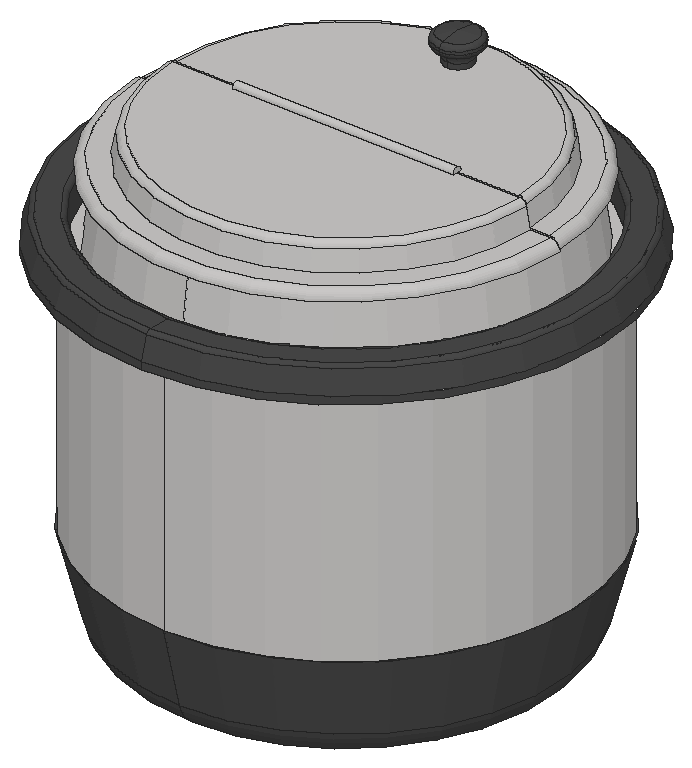
Revit family "QF_Vollrath_741101D", category Specialty Equipment, Revit 2016
Family settings
  Part Type = Normal
  Round Connector Dimension = Use Diameter
  OmniClass Number = 23.40.40.14.17.31
  OmniClass Title = Small Specialized Cooking Equipment
  Work Plane-Based = Yes
  Always vertical = Yes
  Cut with Voids When Loaded = No
  Shared = No
  Room Calculation Point = No
Parameters
  Weight in Pounds = 12.4
  Watts = 800 W
  Watermarked By = "http://revitwatermark.com"
  Volts = 120 V
  URL Cutsheet = ""
  URL = "www.vollrathco.com"
  Status [instance] = ""
  Specification by User [instance] = ""
  Specification by Manufacturer [instance] = ""
  Serial Number [instance] = ""
  Revision Code [instance] = ""
  Phase = 1
  Outer Diameter = 1' - 1.9"  # constant formula
  Number of Poles [instance] = 1
  NAFEM Spec ID Number [instance] = ""
  Model = "741101D"
  Material = QF_Finishes_Black
  Masterspec [instance] = ""
  Manufacturer = "Vollrath"
  Item Number [instance] = "-"
  Installed By [instance] = ""
  Furnished By [instance] = ""
  Foodservice Equipment Identifier = yes
  FL Amps = 6.7 A
  Electrical Remarks [instance] = ""
  Electric Connection Type [instance] = ""
  Elec Conn RI Height [instance] = 0' - 0"
  Elec Conn Connection Height = -0' - 9 1/4"
  Description = "11 qt. Induction Rethermalizer, Drop-In"
  Default Elevation = 4' - 0"
  Cycle = 60 Hz
  Conn Plug = "NEMA 5-15P"
  CSI MasterFormat = "11 44 00"
  Assembly Code = "E1090320"
  Apparent Power = if(Phase = 3, Volts * FL Amps * 1.73, Volts * FL Amps)  # 804 VA
Reference planes (in)
  plane 1 "FRONT": y = 1
  plane 2: z = 0
  plane 3 "LEFT": x = -10.10443
  plane 4 "RIGHT": x = 3.79557
  plane 5 "BACK": y = -12.9
  plane 6 "Center FB": x = -3.15443
  plane 7 "Center LR": y = -5.95
  plane 8 "TOP": z = 3.5625
  plane 9 "Top of Lid": z = 2.8125
  plane 10 "Top of Unit": z = 0.87467
  plane 11 "Bottom of Lid": z = 1.8725
  plane 12 "BOTTOM": z = -9.5
Forms (in)
  Extrusion 1, solid, material "QF_Finishes_Stainless Steel"
    sketch origin (0, 0, -6.45) x (0, 1, 0) y (-1, 0, 0)
      loop
        circle (-5.95, 3.15443) r 6.18
    from -0.25 to 6.45
  Revolve 2, solid, material "QF_Finishes_Black" <- "Material"
    sketch origin (-3.15443, 0, -9.26533) x (0, 1, 0) y (0, 0, 1)
      loop
        line (0, 9.26533) -> (1, 9.26533) -> (1, 9.46533) -> (0.83669, 10.04524)
        arc (0.83669, 10.04524) -> (0.79004, 10.11364) -> (0.71155, 10.14) r 0.13
        line (0.71155, 10.14) -> (0.13, 10.14)
        arc (0.13, 10.14) -> (0.03808, 10.10192) -> (0, 10.01) r 0.13
        line (0, 10.01) -> (0, 9.26533)
      axis (-5.95, 10.14) -> (-5.95, 9.26533)
    angle from 0 to 360
  Revolve 3, solid, material "QF_Finishes_Polished Steel"
    sketch origin (-3.15443, 0, -9.26533) x (0, 1, 0) y (0, 0, 1)
      loop
        line (-5.95, 9.26533) -> (-0.3016, 9.26533) -> (-0.58, 11.13783) -> (-5.95, 11.13783) -> (-5.95, 9.26533)
      axis (-5.95, 11.13783) -> (-5.95, 9.26533)
    angle from 0 to 360
  Revolve 4, solid, material "QF_Finishes_Stainless Steel"
    sketch origin (-3.15443, 0, -9.26533) x (0, 1, 0) y (0, 0, 1)
      loop
        line (-5.95, 11.13783) -> (-0.14, 11.13783)
        arc (-0.14, 11.13783) -> (-0.21322, 11.31461) -> (-0.39, 11.38783) r 0.25
        line (-0.39, 11.38783) -> (-0.94, 11.38783) -> (-1.04911, 11.92561)
        arc (-1.04911, 11.92561) -> (-1.11507, 12.03493) -> (-1.23532, 12.07783) r 0.19
        line (-1.23532, 12.07783) -> (-5.95, 12.07783) -> (-5.95, 11.13783)
      axis (-5.95, 12.07783) -> (-5.95, 11.13783)
    angle from 90 to 270
  Revolve 5, solid, material "QF_Finishes_Stainless Steel"
    sketch origin (-3.15443, 0, -9.26533) x (0, 1, 0) y (0, 0, 1)
      loop
        line (-5.89203, 11.13783) -> (-0.14, 11.13783)
        arc (-0.14, 11.13783) -> (-0.21322, 11.31461) -> (-0.39, 11.38783) r 0.25
        line (-0.39, 11.38783) -> (-0.94, 11.38783) -> (-1.04911, 11.92561)
        arc (-1.04911, 11.92561) -> (-1.11507, 12.03493) -> (-1.23532, 12.07783) r 0.19
        line (-1.23532, 12.07783) -> (-5.89203, 12.07783) -> (-5.89203, 11.13783)
      axis (-5.89203, 12.07783) -> (-5.89203, 11.13783)
    angle from -90 to 90
  Extrusion 6, solid, material "QF_Finishes_Stainless Steel"
    sketch origin (-3.15443, 0, -9.26533) x (0, 1, 0) y (0, 0, 1)
      loop
        line (-6.05676, 12.07783) -> (-5.80676, 12.07783)
        arc (-5.80676, 12.07783) -> (-5.93176, 12.20283) -> (-6.05676, 12.07783) r 0.125
    from -3 to 3
  Revolve 7, solid, material "QF_Finishes_Black"
    sketch origin (-3.15443, 1, -9.26533) x (0, 1, 0) y (0, 0, 1)
      loop
        line (-3.14, 12.07783) -> (-3.14, 12.82783)
        arc (-3.14, 12.82783) -> (-3.39555, 12.80251) -> (-3.65, 12.76783) r 7.00028
        arc (-3.65, 12.76783) -> (-3.72611, 12.72718) -> (-3.76, 12.64783) r 0.13
        line (-3.76, 12.64783) -> (-3.76, 12.56783)
        arc (-3.76, 12.56783) -> (-3.74047, 12.49418) -> (-3.68, 12.44783) r 0.118
        arc (-3.68, 12.44783) -> (-3.55886, 12.35954) -> (-3.51, 12.21783) r 0.25
        line (-3.51, 12.21783) -> (-3.51, 12.07783) -> (-3.14, 12.07783)
      axis (-3.14, 12.82783) -> (-3.14, 12.07783)
    angle from 0 to 360
  Revolve 8, solid, material "QF_Finishes_Black"
    sketch origin (-3.15443, 0.00569, 0.00462) x (0, 1, 0) y (0, 0, 1)
      loop
        line (-5.95, -6.70462) -> (-5.95, -9.50462) -> (-1.24883, -9.50462)
        arc (-1.24883, -9.50462) -> (-0.64007, -9.29798) -> (-0.28291, -8.76344) r 1
        line (-0.28291, -8.76344) -> (0.26875, -6.70462) -> (-5.95, -6.70462)
      axis (-5.95, -9.50462) -> (-5.95, -6.70462)
    angle from 0 to 360
  Extrusion 9, solid, material "QF_Finishes_Black"
    sketch origin (0, 0, -9.5) x (0, 1, 0) y (-1, 0, 0)
      loop
        circle (-5.94431, 3.15443) r 0.25
    from 0 to -0.0625
Lines and regions (in)
  symbolic lines
    curve 1: arc (-3.15443, 1, 0) -> (-10.10443, -5.95, 0) -> (-3.15443, -12.9, 0) r 6.95
    curve 2: arc (-3.15443, -12.9, 0) -> (3.79557, -5.95, 0) -> (-3.15443, 1, 0) r 6.95
    curve 3: arc (-3.15443, -1.52, 0) -> (-2.53443, -2.14, 0) -> (-3.15443, -2.76, 0) r 0.62
    curve 4: arc (-3.15443, -2.76, 0) -> (-3.77443, -2.14, 0) -> (-3.15443, -1.52, 0) r 0.62
    curve 5: line (-0.15443, -5.80676, 0) -> (-6.15443, -5.80676, 0)
    curve 6: line (-6.15443, -6.05676, 0) -> (-0.15443, -6.05676, 0)
    curve 7: line (-6.15443, -5.80676, 0) -> (-6.15443, -6.05676, 0)
    curve 8: line (-0.15443, -6.05676, 0) -> (-0.15443, -5.80676, 0)
    curve 9: arc (-8.10646, -5.89203, 0) -> (-3.15443, -0.94, 0) -> (1.79761, -5.89203, 0) r 4.95203
    curve 10: arc (-3.15443, -0.58, 0) -> (2.21557, -5.95, 0) -> (-3.15443, -11.32, 0) r 5.37
    curve 11: arc (-3.15443, -11.32, 0) -> (-8.52443, -5.95, 0) -> (-3.15443, -0.58, 0) r 5.37
    curve 12: arc (1.85557, -5.95, 0) -> (-3.15443, -10.96, 0) -> (-8.16443, -5.95, 0) r 5.01
    curve 13: line (-8.10646, -5.89203, 0) -> (-6.15443, -5.89203, 0)
    curve 14: line (-8.16443, -5.95, 0) -> (-6.15443, -5.95, 0)
    curve 15: line (1.79761, -5.89203, 0) -> (-0.15443, -5.89203, 0)
    curve 16: line (1.85557, -5.95, 0) -> (-0.15443, -5.95, 0)
    curve 17: arc (-3.15443, 0, 0) -> (-9.10443, -5.95, 0) -> (-3.15443, -11.9, 0) r 5.95
    curve 18: arc (-3.15443, -11.9, 0) -> (2.79557, -5.95, 0) -> (-3.15443, 0, 0) r 5.95
Dimensions and locks (in)
  "Outer Diameter": plane 3 "LEFT" to plane 4 "RIGHT"
  "Outer Diameter": plane 5 "BACK" to plane 1 "FRONT"
  equal spacing: plane 3 "LEFT", plane 6 "Center FB", plane 4 "RIGHT"
  equal spacing: plane 5 "BACK", plane 7 "Center LR", plane 1 "FRONT"
  locked: plane 9 "Top of Lid" to plane 11 "Bottom of Lid" at 0.94
  locked: plane 8 "TOP" to plane 9 "Top of Lid" at 0.75
  locked: plane 10 "Top of Unit" to level at 0.87467
  locked: level to plane 12 "BOTTOM" at 9.5
  locked: plane 9 "Top of Lid" to plane 12 "BOTTOM" at 12.3125
  aligned and locked: level to plane 2
Automatic sketch dimensions
  Extrusion 1 sketch curve to plane 6 "Center FB" = 0' - 0"
  Extrusion 1 sketch curve to plane 7 "Center LR" = 0' - 0"
  Revolve 3 sketch curve to plane 7 "Center LR" = 0' - 0"  (x2)
  plane 1 "FRONT" to Revolve 3 sketch curve = 0' - 1.58"
  Revolve 3 sketch curve to level = 1' - 9.26533"
  Revolve 3 sketch curve to plane 9 "Top of Lid" = 0' - 0.94"
  plane 8 "TOP" to Revolve 3 sketch curve = 6' - 10.57"
  Revolve 3 sketch curve to plane 10 "Top of Unit" = 0' - 0.87467"
  plane 1 "FRONT" to Revolve 3 sketch curve = 0' - 1.3016"
  Revolve 2 sketch curve to plane 7 "Center LR" = 0' - 0"
  Revolve 2 sketch curve to plane 10 "Top of Unit" = 0' - 0"
  Revolve 2 sketch curve to plane 1 "FRONT" = 0' - 0"
  plane 1 "FRONT" to Revolve 2 sketch curve = 0' - 1"
  Revolve 2 sketch curve to Revolve 2 sketch curve = 0' - 0.13"
  plane 1 "FRONT" to Revolve 2 sketch curve = 0' - 0.28845"
  Revolve 2 sketch curve to plane 10 "Top of Unit" = 0' - 0.09476"
  Revolve 2 sketch curve to Revolve 2 sketch curve = 0' - 0.12513"
  Revolve 2 sketch curve to Revolve 2 sketch curve = 0' - 0.57991"
  Revolve 2 sketch curve to Revolve 2 sketch curve = 0' - 0.2"
  Revolve 2 sketch curve to level = 1' - 9.26533"
  plane 8 "TOP" to Revolve 2 sketch curve = 6' - 10.57"
  Revolve 4 sketch curve to plane 7 "Center LR" = 0' - 0"  (x2)
  Revolve 4 sketch curve to plane 9 "Top of Lid" = 0' - 0"
  plane 1 "FRONT" to Revolve 4 sketch curve = 0' - 2.23532"
  Revolve 4 sketch curve to plane 9 "Top of Lid" = 0' - 0.15222"
  Revolve 4 sketch curve to Revolve 4 sketch curve = 0' - 0.18621"
  Revolve 4 sketch curve to Revolve 4 sketch curve = 0' - 0.10911"
  Revolve 4 sketch curve to Revolve 4 sketch curve = 0' - 0.55"
  Revolve 4 sketch curve to Revolve 4 sketch curve = 0' - 0 1/4"
  Revolve 4 sketch curve to Revolve 4 sketch curve = 0' - 0.53778"
  Revolve 4 sketch curve to level = 1' - 9.26533"
  plane 8 "TOP" to Revolve 4 sketch curve = 6' - 10.57"
  Revolve 5 sketch curve to plane 11 "Bottom of Lid" = 0' - 0"
  Revolve 5 sketch curve to plane 9 "Top of Lid" = 0' - 0"
  plane 7 "Center LR" to Revolve 5 sketch curve = 0' - 0.05797"  (x2)
  plane 1 "FRONT" to Revolve 5 sketch curve = 0' - 2.23532"
  Revolve 5 sketch curve to plane 9 "Top of Lid" = 0' - 0.15222"
  Revolve 5 sketch curve to Revolve 5 sketch curve = 0' - 0.18621"
  plane 11 "Bottom of Lid" to Revolve 5 sketch curve = 0' - 0 1/4"
  Revolve 5 sketch curve to Revolve 5 sketch curve = 0' - 0.10911"
  Revolve 5 sketch curve to Revolve 5 sketch curve = 0' - 0.55"
  plane 10 "Top of Unit" to Revolve 5 sketch curve = 0' - 0.42764"
  plane 8 "TOP" to Revolve 5 sketch curve = 0' - 0.35953"
  Extrusion 6 sketch curve to plane 9 "Top of Lid" = 0' - 0"
  Extrusion 6 sketch curve to plane 7 "Center LR" = 0' - 0.10676"
  plane 7 "Center LR" to Extrusion 6 sketch curve = 0' - 0.01824"
  Revolve 7 sketch curve to plane 9 "Top of Lid" = 0' - 0"
  Revolve 7 sketch curve to plane 8 "TOP" = 0' - 0"
  Revolve 7 sketch curve to plane 8 "TOP" = 0' - 0.18"
  plane 7 "Center LR" to Revolve 7 sketch curve = 0' - 3.19"
  plane 9 "Top of Lid" to Revolve 7 sketch curve = 0' - 0.13311"
  Revolve 7 sketch curve to Revolve 7 sketch curve = 0' - 0.00009"
  Revolve 7 sketch curve to Revolve 7 sketch curve = 0' - 0.08"
  Revolve 7 sketch curve to Revolve 7 sketch curve = 0' - 0"  (x2)
  Revolve 7 sketch curve to plane 8 "TOP" = 0' - 0.06"
  Revolve 7 sketch curve to Revolve 7 sketch curve = 0' - 0.11"
  Revolve 7 sketch curve to Revolve 7 sketch curve = 0' - 0.03772"
  Revolve 7 sketch curve to Revolve 7 sketch curve = 0' - 0.01201"
  Revolve 7 sketch curve to Revolve 7 sketch curve = 0' - 0.24991"
  plane 7 "Center LR" to Revolve 7 sketch curve = 0' - 3.81"
  Revolve 7 sketch curve to Revolve 7 sketch curve = 0' - 0.51"
  Revolve 7 sketch curve to Revolve 7 sketch curve = 0' - 1.86648"
  Revolve 7 sketch curve to Revolve 7 sketch curve = 0' - 0.14"
  Revolve 7 sketch curve to Revolve 7 sketch curve = 0' - 4.4351"
  curve 1 to curve 2 = 0' - 0"  (x2)
  curve 1 to curve 10 = 0' - 0"  (x2)
  curve 1 to curve 11 = 0' - 0"  (x2)
  curve 1 to curve 12 = 0' - 0"  (x2)
  curve 1 to curve 17 = 0' - 0"  (x2)
  curve 1 to curve 18 = 0' - 0"  (x2)
  curve 2 to curve 10 = 0' - 0"  (x2)
  curve 2 to curve 11 = 0' - 0"  (x2)
  curve 2 to curve 12 = 0' - 0"  (x2)
  curve 2 to curve 17 = 0' - 0"  (x2)
  curve 2 to curve 18 = 0' - 0"  (x2)
  curve 3 to curve 4 = 0' - 0"  (x2)
  curve 10 to curve 11 = 0' - 0"  (x2)
  curve 10 to curve 12 = 0' - 0"  (x2)
  curve 10 to curve 17 = 0' - 0"  (x2)
  curve 10 to curve 18 = 0' - 0"  (x2)
  curve 11 to curve 12 = 0' - 0"  (x2)
  curve 11 to curve 17 = 0' - 0"  (x2)
  curve 11 to curve 18 = 0' - 0"  (x2)
  curve 12 to curve 17 = 0' - 0"  (x2)
  curve 12 to curve 18 = 0' - 0"  (x2)
  curve 17 to curve 18 = 0' - 0"  (x2)
  curve 12 to plane 7 "Center LR" = 0' - 0"
  curve 4 to plane 6 "Center FB" = 0' - 0"
  curve 18 to plane 6 "Center FB" = 0' - 0"
  curve 9 to plane 6 "Center FB" = 0' - 0"
  plane 5 "BACK" to curve 1 = 0' - 0"
  plane 7 "Center LR" to curve 5 = 0' - 0.14324"
  curve 5 to plane 6 "Center FB" = 0' - 3"
  plane 7 "Center LR" to curve 9 = 0' - 0.05797"
  curve 9 to curve 13 = 0' - 1.95203"
  curve 14 to curve 9 = 0' - 0.05797"
  curve 8 to plane 7 "Center LR" = 0' - 0.10676"
  curve 8 to curve 15 = 0' - 1.95203"
  curve 18 to plane 5 "BACK" = 0' - 1"
  curve 17 to curve 11 = 0' - 0.58"
  curve 9 to curve 4 = 0' - 3.13203"
  curve 3 to curve 3 = 0' - 0.62"
  plane 7 "Center LR" to Revolve 8 sketch curve = 0' - 0.00569"  (x2)
  plane 12 "BOTTOM" to Revolve 8 sketch curve = 0' - 0"
  plane 1 "FRONT" to Revolve 8 sketch curve = 0' - 2.24314"
  Revolve 8 sketch curve to Revolve 8 sketch curve = 0' - 0.96593"
  plane 1 "FRONT" to Revolve 8 sketch curve = 0' - 0.72556"
  Revolve 8 sketch curve to plane 12 "BOTTOM" = 0' - 2.49538"
  plane 12 "BOTTOM" to Revolve 8 sketch curve = 0' - 0.74118"
  Revolve 8 sketch curve to Revolve 8 sketch curve = 0' - 2.05882"
  plane 8 "TOP" to Revolve 8 sketch curve = 7' - 8.44212"
  Extrusion 9 sketch curve to plane 6 "Center FB" = 0' - 0"
  plane 7 "Center LR" to Extrusion 9 sketch curve = 0' - 0.00569"
  radius of Extrusion 1 sketch curve = 0' - 6.18"
  radius of Extrusion 9 sketch curve = 0' - 0 1/4"
Connectors (in)
  electrical at (-3.15443, -5.94431, -9.5625), driven by "Number of Poles", driven by "Volts", driven by "Apparent Power"
    settings: on Extrusion 9, index 1, voltage 120 V, apparent load 804 VA, apparent load phase1 0 VA, apparent load phase2 0 VA, apparent load phase3 0 VA, power factor 1, load classification "Other", number of poles 1, system type 30, power factor state 1, is connector primary yes, connector utility no, sub classification motor no, connector description "Electric"
